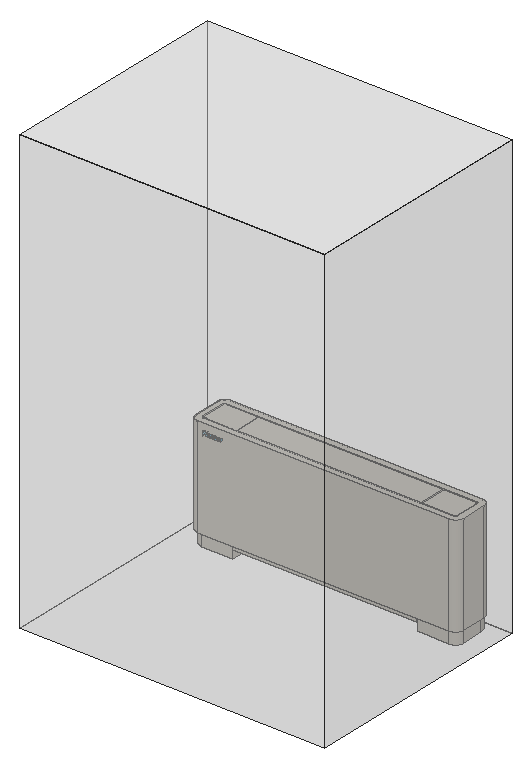
Revit family "outputfile", category 機械設備, Revit 2024
Family settings
  丸型コネクタ寸法 = 半径を使用
  パーツ タイプ = 標準
  OmniClass 番号 = 23.75.10.24.21.27.27
  OmniClass タイトル = Split System Air Conditioning Units
  作業面ベース = いいえ
  常に垂直 = はい
  ロード時にボイドで切り取り = いいえ
  注釈の向きを維持 = いいえ
  共有 = いいえ
  部屋計算ポイント = いいえ
Parameters (values of type "FXLQ50MAVE8")
  Description = ""
  製造元 = "Daikin"
  書き出し IFC クラス(タイプ) = "IfcUnitaryEquipmentType"
  定義済み IFC タイプ(タイプ) = "AIRCONDITIONINGUNIT"
  Cost = 0
  モデル = "FXLQ50MAVE8"
  Type Comments = ""
  Keynote = ""
  Type Image = (empty or 0)
  Assembly Code = ""
  w_machine casing = 1040.0 mm
  w_hangerfixture = 0.0 mm
  w_dischargeflange = 982.0 mm
  w_2_machine casing = 1010.0 mm
  w_1_machine casing = 982.0 mm
  r_Liquid Pipe Size = Liquid Pipe Size / 2  # 3.2 mm
  r_Gas Pipe Size = Gas Pipe Size / 2  # 6.35 mm
  w_mounting foot = 1030.0 mm
  r_Drain Pipe Size = Drain Pipe Size / 2  # 10.5 mm
  h_mountinghole = [h***] + 2.5 mm  # 2.5 mm
  lh_liquidpipe = 391.0 mm  # constant formula
  lh_gaspipe = 301.0 mm  # constant formula
  lh_drainpipe = 181.0 mm  # constant formula
  lh_antena = 598.5 mm  # constant formula
  ld_liquidpipe = 88.0 mm  # constant formula
  ld_gaspipe = 143.0 mm  # constant formula
  ld_drainpipe = 156.0 mm  # constant formula
  h*** = 0.0 mm  # constant formula
  w_front suction = 801.0 mm
  d_pipe_2 = 27.3 mm  # constant formula
  d_pipe_1 = 47.6 mm  # constant formula
  d_pipe = 71.2 mm  # constant formula
  Width = 1420.0 mm
  Voltage_comment_50Hz = "220-240"
  Voltage_50Hz = 220 V
  Version = "ver.1.0"
  Unit Type = "Floor Standing Type"
  Unit Mass Weight = 36.00 kg
  Unit Designation [instance] = ""
  Uniclass2015Version = "Products v1.30"
  Uniclass2015Title = "Variable refrigerant flow units"
  Uniclass2015Code = "Pr_70_65_03_94"
  URL = ""
  Total Heating Capacity [instance] = 0.000 kW
  Total Cooling Capacity [instance] = 0.000 kW
  Sound Pressure Level_M speed (dBA) = 0
  Sound Pressure Level_L speed (dBA) = 35
  Sound Pressure Level_H speed (dBA) = 40
  Sound Power Level_H speed (dB) = 0
  Series = "VRV Fan Coil Unit"
  Sensible Cooling Capacity [instance] = 0.000 kW
  SA Duct Size Width = w_dischargeflange  # 982.0 mm
  SA Duct Size Height = 150.0 mm  # constant formula
  Refrigerant Type = "R410A"
  Power Input (Heating) = 0.110 kW
  Power Input (Cooling) = 0.110 kW
  Phase_50Hz = 1
  Option Accessory 3 [instance] = ""
  Option Accessory 2 [instance] = ""
  Option Accessory 1 [instance] = ""
  Nominal Heating Capacity = 6.300 kW
  Nominal Cooling Capacity = 5.600 kW
  Minimum External Static Pressure = 0.00 Pa
  Minimum Circuit Amps_50Hz = 0.6 A
  Minimum Airflow = 660.00 m³/h
  Median Airflow = 0.00 m³/h
  Maximum Fuse Amps_50Hz = 15.0 A
  Maximum External Static Pressure = 0.00 Pa
  Maximum Airflow = 840.00 m³/h
  Material_Casing = DAIKIN_IvoryWhite_Casing_indoorunit
  Load Classification = HVAC
  Liquid Pipe Size = 6.4 mm
  Link_Nested Family [instance] = ""
  IfcVersion = "0"
  IfcExportType = "AIRCONDITIONINGUNIT"
  IfcExportAs = "IfcUnitaryEquipmentType"
  Height = 600.0 mm
  Heating Entering Wet Bulb Temperature [instance] = 0.00 °C
  Heating Entering Dry Bulb Temperature [instance] = 0.00 °C
  Heating Ambient Wet Bulb Temperature [instance] = 0.00 °C
  Heating Ambient Dry Bulb Temperature [instance] = 0.00 °C
  Heat Exchanger Type = "Cross Fin Coil"
  Gas Pipe Size = 12.7 mm
  Frequency_50Hz = 50 Hz
  Fan Type = "Sirocco Fan"
  Fan Drive = "Direct Drive"
  FCU Tag No. [instance] = ""
  Drain Pipe Size = 21.0 mm
  Design Supply Airflow [instance] = 0.00 m³/h
  Design External Static Pressure [instance] = 0.00 Pa
  Depth = 222.0 mm
  既定の高さ = 0.0 mm
  Cooling Entering Wet Bulb Temperature [instance] = 0.00 °C
  Cooling Entering Dry Bulb Temperature [instance] = 0.00 °C
  Cooling Ambient Wet Bulb Temperature [instance] = 0.00 °C
  Cooling Ambient Dry Bulb Temperature [instance] = 0.00 °C
  Clearance visibility [instance] = yes
  Clearance Top = 1750.0 mm
  Clearance Right = 100.0 mm
  Clearance Rear = 20.0 mm
  Clearance Left = 100.0 mm
  Clearance Front = 1000.0 mm
  Clearance Bottom = 0.0 mm
Reference planes
  plane 1: y = 0
  plane 2: z = 0
  plane 3 "Center (Left/Right)": x = 0
  plane 4 "Center (Front/Back)": y = -103
  plane 5: y = -206
  plane 6: x = -520
  plane 7: x = 520
  plane 8: z = 584
  plane 9: z = 68
  plane 10: z = 609
  plane 11: z = 2350
  plane 12: z = 0
  plane 13: x = -810
  plane 14: x = 810
  plane 15: y = -1214
  plane 16: y = 28
  plane 17 "Bottom": z = 0
  plane 18: x = -488
  plane 19: x = 488
  plane 20: x = -539
  plane 21: x = -690
  plane 22: z = 129
  plane 23: z = 518
  plane 24: z = 564.5
  plane 25: y = -32
  plane 26: x = 618.8
  plane 27 "ld_drainpipe": y = -148
  plane 28: z = 181
  plane 29: z = 301
  plane 30: z = 391
  plane 31: x = 547
  plane 32: x = 505
  plane 33: x = -505
  plane 34 "ld_liquidpipe": y = -80
  plane 35 "ld_gaspipe": y = -135
  plane 36: x = 654
  plane 37: z = 518.4
  plane 38: z = 388.6
  plane 39: x = 506
  plane 40: x = -506
  plane 41: x = -614.5
  plane 42: y = -42
  plane 43: y = -25.8
  plane 44 "Left": x = -710
  plane 45 "Right": x = 710
  plane 46: x = -491
  plane 47: x = 491
  plane 48: z = 70
  plane 49 "Top": z = 600
  plane 50 "Front": y = -214
  plane 51 "Back": y = 8
  plane 52: y = -201
Forms (mm)
  Extrusion 1, solid, material "DAIKIN_IvoryWhite_Casing_indoorunit" <- "Material_Casing"
    sketch origin (0, 0, 0) x (1, 0, 0) y (0, 1, 0)
      loop
        line (-520, 0) -> (-520, -206) -> (520, -206) -> (520, 0) -> (-520, 0)
    from 68 to 584
  Extrusion 2, solid, material "DAIKIN_IvoryWhite_Casing_indoorunit" <- "Material_Casing"
    sketch origin (0, 0, 68) x (0, 1, 0) y (1, 0, 0)
      loop
        line (0, -488) -> (0, 488) -> (-206, 488) -> (-206, -488) -> (0, -488)
    from 0 to 19.6
  Extrusion 3, solid, material "DAIKIN_IvoryWhite_Casing_indoorunit" <- "Material_Casing"
    sketch origin (-520, -206, 0) x (0, 1, 0) y (0, 0, -1)
      loop
        circle (103, -448.5) r 12.5
      loop
        circle (103, -243.5) r 12.5
    from 0 to 19
  Extrusion 4, solid, material "DAIKIN_IvoryWhite_Casing_indoorunit" <- "Material_Casing"
    sketch origin (0, 0, 68) x (-1, 0, 0) y (0, -1, 0)
      loop
        line (690, 25.8) -> (690, 71.25) -> (555.25, 206) -> (539, 206) -> (539, 25.8) -> (690, 25.8)
    from 61 to 450
  Extrusion 5, solid, material "DAIKIN_IvoryWhite_Casing_indoorunit" <- "Material_Casing"
    sketch origin (520, 0, 0) x (0, -1, 0) y (0, 0, -1)
      loop
        line (5.208, -545.14) -> (32, -564.5) -> (104, -554.5) -> (202.913, -407.529) -> (197.289, -319.3) -> (168.604, -299.952) -> (5.208, -545.14)
    from 0 to 98.8
  Extrusion 6, solid, material "DAIKIN_IvoryWhite_Casing_indoorunit" <- "Material_Casing"
    sketch origin (520, 0, 0) x (0, -1, 0) y (0, 0, -1)
      loop
        line (188.5, -240) -> (188.5, -210) -> (107.5, -210) -> (107.5, -240) -> (188.5, -240)
    from 0 to 50
  Extrusion 7, solid, material "DAIKIN_IvoryWhite_Casing_indoorunit" <- "Material_Casing"
    sketch origin (520, -107.5, 210) x (-1, 0, 0) y (0, 1, 0)
      loop
        circle (-27, -40.5) r 10.5
    from 0 to 29
  Sweep 8, solid, material "DAIKIN_IvoryWhite_Casing_indoorunit" <- "Material_Casing"
    path origin (0, -80, 0) x (0, 0, 1) y (1, 0, 0)
      loop
        line (518.4, 618.8) -> (518.4, 641)
        arc (518.4, 641) -> (514.592, 650.192) -> (505.4, 654) r 13
        line (505.4, 654) -> (391, 654)
    profile origin (629.9, -80, 518.4) x (0, 0, -1) y (0, 1, 0)
      loop
        circle (0, 0) r 3.2
  Sweep 9, solid, material "DAIKIN_IvoryWhite_Casing_indoorunit" <- "Material_Casing"
    path origin (0, -135, 0) x (0, 0, 1) y (1, 0, 0)
      loop
        line (388.6, 618.8) -> (388.6, 641)
        arc (388.6, 641) -> (384.792, 650.192) -> (375.6, 654) r 13
        line (375.6, 654) -> (301, 654)
    profile origin (629.9, -135, 388.6) x (0, 0, -1) y (0, 1, 0)
      loop
        circle (0, 0) r 6.35
Dimensions and locks
  equal spacing: plane 5, plane 4 "Center (Front/Back)", plane 1
  equal spacing: plane 6, plane 3 "Center (Left/Right)", plane 7
  locked: plane 10 to plane 8 at 25
  "h***": plane 17 "Bottom" to plane 2
  locked: plane 8 to plane 9 at 516
  "Clearance Bottom": plane 17 "Bottom" to plane 12
  locked: plane 6 to plane 18 at 32
  locked: plane 19 to plane 7 at 32
  plane 18 to plane 19 = 976.0 mm
  locked: Extrusion 3 sketch curve to plane 9 at 175.5
  locked: Extrusion 3 sketch curve to Extrusion 3 sketch curve at 205
  locked: plane 6 to plane 20 at 19
  plane 23 to plane 22 to plane 17 "Bottom" = 389.0 mm locked, 129.0 mm locked
  locked: plane 21 to plane 6 at 170
  locked: plane 10 to plane 24 at 44.5
  locked: plane 5 to plane 25 at 174
  locked: plane 7 to plane 26 at 98.8
  locked: Extrusion 6 sketch curve to Extrusion 6 sketch curve at 30
  locked: Extrusion 6 sketch curve to Extrusion 6 sketch curve at 81
  locked: Extrusion 6 sketch curve to plane 17 "Bottom" at 240
  locked: plane 27 "ld_drainpipe" to Extrusion 6 sketch curve at 40.5
  "lh_drainpipe": plane 28 to plane 17 "Bottom"
  "lh_gaspipe": plane 29 to plane 17 "Bottom"
  "lh_liquidpipe": plane 30 to plane 17 "Bottom"
  locked: plane 33 to plane 6 at 15
  locked: plane 7 to plane 32 at 15
  locked: plane 31 to plane 32 at 42
  locked: plane 36 to plane 7 at 134
  locked: plane 10 to plane 37 at 90.6
  locked: plane 10 to plane 38 at 220.4
  locked: plane 6 to plane 40 at 14
  locked: plane 39 to plane 7 at 14
  equal spacing: plane 32, plane 3 "Center (Left/Right)", plane 33
  plane 32 to plane 33 = 1010.0 mm
  locked: plane 21 to plane 41 at 75.5
  locked: plane 42 to plane 1 at 42
  locked: plane 43 to plane 5 at 180.2
  locked: Extrusion 4 sketch curve to plane 20 at 16.25
  locked: plane 43 to Extrusion 4 sketch curve at 45.45
  locked: plane 46 to plane 44 "Left" at 219
  locked: plane 45 "Right" to plane 47 at 219
  "Width": plane 45 "Right" to plane 44 "Left"
  locked: plane 49 "Top" to plane 48 at 530
  equal spacing: plane 45 "Right", plane 3 "Center (Left/Right)", plane 44 "Left"
  "w_machine casing": plane 6 to plane 7
  "Depth": plane 51 "Back" to plane 50 "Front"
  equal spacing: plane 51 "Back", plane 4 "Center (Front/Back)", plane 50 "Front"
  locked: plane 1 to plane 5 at 206
  locked: plane 10 to plane 17 "Bottom" at 609
  "Height": plane 49 "Top" to plane 17 "Bottom"
  "Clearance Rear": plane 16 to plane 51 "Back"
  "Clearance Front": plane 50 "Front" to plane 15
  "Clearance Right": plane 14 to plane 45 "Right"
  "Clearance Left": plane 44 "Left" to plane 13
  "Clearance Top": plane 11 to plane 49 "Top"
  equal spacing: plane 18, nested 2, plane 19
  "ld_liquidpipe": plane 34 "ld_liquidpipe" to plane 51 "Back"
  "ld_gaspipe": plane 35 "ld_gaspipe" to plane 51 "Back"
  "ld_drainpipe": plane 27 "ld_drainpipe" to plane 51 "Back"
  locked: plane 50 "Front" to plane 52 at 13
  "Drain Pipe Size": diameter of Extrusion 7 sketch curve
  "Gas Pipe Size": diameter of Sweep 9 sketch curve
  locked: Extrusion 4 sketch curve to Extrusion 4 sketch curve (angle 45.00°)
  aligned and locked: level to plane 2
  aligned and locked: plane 1 to Extrusion 1 sketch curve
  aligned and locked: plane 6 to Extrusion 1 sketch curve
  aligned and locked: plane 5 to Extrusion 1 sketch curve
  aligned and locked: Extrusion 1 sketch curve to plane 7
  aligned and locked: plane 8 to Extrusion 1
  aligned and locked: Extrusion 1 to plane 9
  aligned and locked: plane 8 to nested 1
  aligned and locked: plane 3 "Center (Left/Right)" to nested 1
  aligned and locked: nested 2 to plane 16
  aligned and locked: nested 2 to plane 15
  aligned and locked: plane 11 to nested 2
  aligned and locked: plane 12 to nested 2
  aligned and locked: plane 13 to nested 2
  aligned and locked: plane 14 to nested 2
  aligned and locked: nested 3 to plane 4 "Center (Front/Back)"
  aligned and locked: nested 4 to plane 4 "Center (Front/Back)"
  aligned and locked: plane 1 to Extrusion 2 sketch curve
  aligned and locked: plane 5 to Extrusion 2 sketch curve
  aligned and locked: plane 18 to Extrusion 2 sketch curve
  aligned and locked: Extrusion 2 sketch curve to plane 19
  aligned and locked: plane 4 "Center (Front/Back)" to Extrusion 3 sketch curve  (x2)
  aligned and locked: Extrusion 3 to plane 20
  aligned and locked: plane 21 to Extrusion 4 sketch curve
  aligned and locked: Extrusion 4 sketch curve to plane 20
  aligned and locked: plane 23 to Extrusion 4
  aligned and locked: Extrusion 4 to plane 22
  aligned and locked: plane 26 to Extrusion 5
  aligned and locked: plane 25 to Extrusion 5 sketch curve
  aligned and locked: plane 24 to Extrusion 5 sketch curve
  aligned and locked: plane 31 to Extrusion 7 sketch curve
  aligned and locked: plane 27 "ld_drainpipe" to Extrusion 7 sketch curve
  aligned and locked: Extrusion 7 to plane 28
  aligned and locked: plane 36 to Sweep 8 sketch curve
  aligned and locked: Sweep 8 sketch curve to plane 37
  aligned and locked: plane 30 to Sweep 8 sketch curve
  aligned and locked: plane 26 to Sweep 8 sketch curve
  aligned and locked: plane 29 to Sweep 9 sketch curve
  aligned and locked: plane 26 to Sweep 9 sketch curve
  aligned and locked: Sweep 9 sketch curve to plane 38
  aligned and locked: plane 36 to Sweep 9 sketch curve
  aligned and locked: nested 3 to plane 39
  aligned and locked: plane 40 to nested 4
  aligned and locked: plane 31 to nested 5
  aligned and locked: nested 6 to plane 36
  aligned and locked: nested 7 to plane 36
  aligned and locked: nested 8 to plane 41
  aligned and locked: plane 4 "Center (Front/Back)" to nested 8
  aligned and locked: Extrusion 4 sketch curve to plane 43
  aligned and locked: Extrusion 4 sketch curve to plane 5
  aligned and locked: nested 7 to plane 34 "ld_liquidpipe"
  aligned and locked: nested 6 to plane 35 "ld_gaspipe"
  aligned and locked: nested 5 to plane 27 "ld_drainpipe"
  aligned and locked: nested 9 to plane 46
  aligned and locked: nested 9 to plane 17 "Bottom"
  aligned and locked: nested 10 to plane 47
  aligned and locked: nested 10 to plane 17 "Bottom"
  aligned and locked: plane 3 "Center (Left/Right)" to nested 11
  aligned and locked: nested 11 to plane 4 "Center (Front/Back)"
  aligned and locked: nested 11 to plane 48
  aligned and locked: nested 12 to plane 50 "Front"
  aligned and locked: plane 24 to nested 12
  aligned and locked: plane 20 to nested 12
  aligned and locked: plane 52 to nested 10
  aligned and locked: nested 9 to plane 52
  aligned and locked: nested 5 to plane 17 "Bottom"
  aligned and locked: nested 6 to plane 17 "Bottom"
  aligned and locked: nested 7 to plane 17 "Bottom"
  aligned and locked: nested 8 to plane 17 "Bottom"
  aligned and locked: plane 4 "Center (Front/Back)" to nested 1
  aligned and locked: plane 49 "Top" to nested 11
Automatic sketch dimensions
  Extrusion 1 sketch curve to plane 5 = 0.0 mm
  Extrusion 1 to Extrusion 5 sketch curve = 5.208 mm
  Extrusion 1 to Extrusion 5 sketch curve = 29.5 mm
  Extrusion 5 sketch curve to Extrusion 5 sketch curve = 72.0 mm
  Extrusion 1 to Extrusion 5 sketch curve = 37.396 mm
  Extrusion 1 to Extrusion 5 sketch curve = 8.711 mm
  Extrusion 1 to Extrusion 5 sketch curve = 3.087 mm
  Extrusion 5 sketch curve to Extrusion 5 sketch curve = 19.36 mm
  Extrusion 1 to Extrusion 5 sketch curve = 176.471 mm
  Extrusion 5 sketch curve to Extrusion 5 sketch curve = 88.229 mm
  Extrusion 5 sketch curve to Extrusion 5 sketch curve = 19.348 mm
  Sweep 8 sketch curve to profile plane = 0.0 mm  (x2)
  Sweep 8 sketch curve to plane 23 = 12.6 mm
  Sweep 9 sketch curve to plane 38 = 13.0 mm
  Sweep 9 sketch curve to plane 35 "ld_gaspipe" = 0.0 mm
  Sweep 9 sketch curve to profile plane = 0.0 mm
  radius of Extrusion 3 sketch curve = 12.5 mm  (x2)
  radius of Sweep 8 sketch curve = 3.2 mm
Nested families
  nested 1: "daikin_ductflange_FXLQ-MAVE8" at (0, -178, 584) x (1, 0, 0) z (0, 1, 0), width <- "w_dischargeflange", material <- "Material_Casing", type "daikin_ductflange_FXLQ-MAVE8"
    with width 982.0 mm, material DAIKIN_IvoryWhite_Casing_indoorunit, height 150.0 mm, depth 16.0 mm
  nested 2: "daikin_clearancespace" at (0, -593, 1175.119), visible <- "Clearance visibility", show <- "Clearance visibility", Link_Nested Family <- "Link_Nested Family", type "daikin_clearancespace"
    with width 1620.0 mm, show yes, height 2350.0 mm, depth 1242.0 mm, Link_Nested Family ""
  nested 3: "daikin_mountinghole" at (506, -103, 0), Link_Nested Family <- "Link_Nested Family", h_mountinghole <- "h_mountinghole", l_antenna <- "lh_antena", type "daikin_mountinghole"
    with show yes, l_antenna 598.5 mm, h_mountinghole 2.5 mm, Link_Nested Family ""
  nested 4: "daikin_mountinghole" at (-506, -103, 0), Link_Nested Family <- "Link_Nested Family", h_mountinghole <- "h_mountinghole", l_antenna <- "lh_antena", type "daikin_mountinghole"
    with show yes, l_antenna 598.5 mm, h_mountinghole 2.5 mm, Link_Nested Family ""
  nested 5: "daikin_connector_rotate2" at (547, -148, 181) x (1, 0, 0) z (0, -1, 0), radius <- "r_Drain Pipe Size", length <- "lh_drainpipe", type "daikin_connector_rotate2"
    with radius 10.5 mm, length 181.0 mm, angle_vertical 90.00°, show_face no
  nested 6: "daikin_connector_rotate2" at (654, -135, 301) x (1, 0, 0) z (0, -1, 0), radius <- "r_Gas Pipe Size", length <- "lh_gaspipe", type "daikin_connector_rotate2"
    with radius 6.35 mm, length 301.0 mm, angle_vertical 90.00°, show_face no
  nested 7: "daikin_connector_rotate2" at (654, -80, 391) x (1, 0, 0) z (0, -1, 0), radius <- "r_Liquid Pipe Size", length <- "lh_liquidpipe", type "daikin_connector_rotate2"
    with radius 3.2 mm, length 391.0 mm, angle_vertical 90.00°, show_face no
  nested 8: "daikin_connector_rotate2" at (-614.5, -103, 129) x (1, 0, 0) z (0, -1, 0), type "daikin_connector_rotate2"
    with radius 10.0 mm, length 129.0 mm, angle_vertical 90.00°, show_face no
  nested 9: "daikin_hangerfixture_FXLQ-MAVE8" at (-595.5, -99, 0), type "daikin_hangerfixture_FXLQ-MAVE8"
  nested 10: "daikin_hangerfixture_FXLQ-MAVE8" at (595.5, -99, 0) x (-1, 0, 0) z (0, 0, 1), type "daikin_hangerfixture_FXLQ-MAVE8"
  nested 11: "daikin_machine casing_FXLQ-MAVE8" at (0, -103, 70), width <- "Width", W_2 <- "w_2_machine casing", W_1 <- "w_1_machine casing", material <- "Material_Casing", type "daikin_machine casing_FXLQ-MAVE8"
    with width 1420.0 mm, material DAIKIN_IvoryWhite_Casing_indoorunit, height 530.0 mm, depth 222.0 mm, W_2 1010.0 mm, W_1 982.0 mm, D_1 150.0 mm
  nested 12: "daikin_logo_elevation_w100" at (-574, -214, 539.5), type "daikin_logo_elevation_w100"
    with show_logo yes
Connectors
  electrical at (-614.5, -103, 0), driven by "Load Classification"
    settings: on nested 8, index 5, voltage 0 V, apparent load 0 VA, apparent load phase1 0 VA, apparent load phase2 0 VA, apparent load phase3 0 VA, power factor 1, load classification "HVAC", number of poles 1, system type 30, power factor state 1, is connector primary yes, connector utility no, sub classification motor no, connector description "Power Supply"
  piping at (654, -80, 0), diameter 6.4, driven by "r_Liquid Pipe Size"
    settings: on nested 7, index 6, connector inside diameter 609.6 mm, connector length 0.0 mm, flow factor 0, pipe flow 0.00 m³/h, pressure drop 0.0 Pa, fitting loss kfactor 0, connector angle 0.00°, fixture units 0, engagement length 0.0 mm, angle of deflection 0.00°, flow configuration 1, flow direction 1, fitting loss method 0, system type 29, joint type 0, gender type 0, connector reference index -1, connector utility 0, adjustable connector no, is connector primary yes, connector description "Refrigerant Liquid Piping"
  piping at (654, -135, 0), diameter 12.7, driven by "r_Gas Pipe Size"
    settings: on nested 6, index 7, connector inside diameter 609.6 mm, connector length 0.0 mm, flow factor 0, pipe flow 0.00 m³/h, pressure drop 0.0 Pa, fitting loss kfactor 0, connector angle 0.00°, fixture units 0, engagement length 0.0 mm, angle of deflection 0.00°, flow configuration 1, flow direction 2, fitting loss method 0, system type 29, joint type 0, gender type 0, connector reference index -1, connector utility 0, adjustable connector no, is connector primary no, connector description "Refrigerant Gas Piping"
  piping at (547, -148, 0), diameter 21, driven by "r_Drain Pipe Size"
    settings: on nested 5, index 8, connector inside diameter 609.6 mm, connector length 0.0 mm, flow factor 0, pipe flow 0.00 m³/h, pressure drop 0.0 Pa, fitting loss kfactor 0, connector angle 0.00°, fixture units 0, engagement length 0.0 mm, angle of deflection 0.00°, flow configuration 1, flow direction 2, fitting loss method 4, system type 16, joint type 0, gender type 0, connector reference index -1, connector utility 0, adjustable connector no, is connector primary no, connector description "Condensate Drain Piping"
Definition of nested family "daikin_ductflange_FXLQ-MAVE8"
  Parameters (values of type "daikin_ductflange_FXLQ-MAVE8")
    width [instance] = 662.0 mm
    material [instance] = none
    height [instance] = 150.0 mm
    depth [instance] = 25.0 mm
    Default Elevation = 0.0 mm
  Reference planes
    plane 1 "Center (Front/Back)": y = 0
    plane 2: z = 0
    plane 3 "Center (Left/Right)": x = 0
    plane 4: y = -25
    plane 5: x = -331
    plane 6: x = 331
    plane 7 "Top": z = 150
    plane 8: y = -1
    plane 9: z = 135.5
    plane 10: z = 14.5
    plane 11 "Center (Elevation)": z = 75
    plane 12: x = -330
    plane 13: x = 330
  Forms (mm)
    Extrusion 1, solid, material <- "material"
      sketch origin (0, 0, 0) x (1, 0, 0) y (0, 0, 1)
        loop
          line (-331, 150) -> (-331, 0) -> (331, 0) -> (331, 150) -> (-331, 150)
      from 1 to 25
  Dimensions and locks
    "height": plane 7 "Top" to plane 2
    "width": plane 5 to plane 6
    equal spacing: plane 5, plane 3 "Center (Left/Right)", plane 6
    "depth": plane 1 "Center (Front/Back)" to plane 4
    locked: plane 8 to plane 1 "Center (Front/Back)" at 1
    locked: plane 7 "Top" to plane 9 at 14.5
    locked: plane 10 to plane 2 at 14.5
    equal spacing: plane 7 "Top", plane 11 "Center (Elevation)", plane 2
    locked: plane 12 to plane 5 at 1
    locked: plane 6 to plane 13 at 1
    aligned and locked: level to plane 2
    aligned and locked: plane 5 to Extrusion 1 sketch curve
    aligned and locked: Extrusion 1 sketch curve to plane 7 "Top"
    aligned and locked: plane 2 to Extrusion 1 sketch curve
    aligned and locked: Extrusion 1 sketch curve to plane 6
    aligned and locked: Extrusion 1 to plane 4
    aligned and locked: plane 8 to Extrusion 1
Definition of nested family "daikin_clearancespace"
  Parameters (values of type "daikin_clearancespace")
    width [instance] = 1823.963 mm
    show [instance] = yes
    material = none
    height [instance] = 1359.762 mm
    depth [instance] = 880.0 mm
    Default Elevation = 0.0 mm
    Link_Nested Family [instance] = ""
  Reference planes
    plane 1 "Center (Front/Back)": y = 0
    plane 2 "Center (Elevation)": z = -0.119
    plane 3 "Center (Left/Right)": x = 0
    plane 4: y = 440
    plane 5: y = -440
    plane 6 "Right": x = 911.982
    plane 7 "Left": x = -911.982
    plane 8 "Top": z = 679.762
    plane 9 "Bottom": z = -680
  Forms (mm)
    Extrusion 1, solid, material <- "material", visible <- "show"
      sketch origin (0, 0, 0) x (1, 0, 0) y (0, 1, 0)
        loop
          line (-911.982, 440) -> (-911.982, -440) -> (911.982, -440) -> (911.982, 440) -> (-911.982, 440)
      from -680 to 679.762
  Lines and regions (mm)
    symbolic lines, visible <- "show"
      curve 1: line (911.982, 440, 0) -> (-911.982, 440, 0)
      curve 2: line (-911.982, 440, 0) -> (-911.982, -440, 0)
      curve 3: line (-911.982, -440, 0) -> (911.982, -440, 0)
      curve 4: line (911.982, -440, 0) -> (911.982, 440, 0)
      curve 5: line (911.982, 0, 679.762) -> (-911.982, 0, 679.762)
      curve 6: line (911.982, 0, -680) -> (911.982, 0, 679.762)
      curve 7: line (-911.982, 0, -680) -> (911.982, 0, -680)
      curve 8: line (-911.982, 0, 679.762) -> (-911.982, 0, -680)
      curve 9: line (0, 440, 679.762) -> (0, -440, 679.762)
      curve 10: line (0, -440, 679.762) -> (0, -440, -680)
      curve 11: line (0, 440, -680) -> (0, 440, 679.762)
      curve 12: line (0, -440, -680) -> (0, 440, -680)
  Dimensions and locks
    "width": plane 7 "Left" to plane 6 "Right"
    "depth": plane 4 to plane 5
    "height": plane 8 "Top" to plane 9 "Bottom"
    equal spacing: plane 7 "Left", plane 3 "Center (Left/Right)", plane 6 "Right"
    equal spacing: plane 4, plane 1 "Center (Front/Back)", plane 5
    equal spacing: plane 8 "Top", plane 2 "Center (Elevation)", plane 9 "Bottom"
    aligned and locked: level to plane 2 "Center (Elevation)"
    aligned and locked: Extrusion 1 sketch curve to plane 4
    aligned and locked: plane 7 "Left" to Extrusion 1 sketch curve
    aligned and locked: Extrusion 1 sketch curve to plane 5
    aligned and locked: Extrusion 1 sketch curve to plane 6 "Right"
    aligned and locked: plane 8 "Top" to Extrusion 1
    aligned and locked: curve 1 to Extrusion 1
    aligned and locked: curve 2 to Extrusion 1
    aligned and locked: curve 3 to Extrusion 1
    aligned and locked: curve 4 to Extrusion 1
    aligned and locked: curve 5 to Extrusion 1
    aligned and locked: curve 6 to Extrusion 1
    aligned and locked: curve 7 to Extrusion 1
    aligned and locked: curve 8 to Extrusion 1
    aligned and locked: curve 9 to Extrusion 1
    aligned and locked: curve 10 to Extrusion 1
    aligned and locked: curve 11 to Extrusion 1
    aligned and locked: curve 12 to Extrusion 1
    aligned and locked: Extrusion 1 to plane 9 "Bottom"
Definition of nested family "daikin_hangerfixture_FXLQ-MAVE8"
  Parameters (values of type "daikin_hangerfixture_FXLQ-MAVE8")
    width = 209.0 mm
    material = none
    height = 70.0 mm
    depth = 204.0 mm
    Default Elevation = 0.0 mm
  Reference planes
    plane 1 "Center (Front/Back)": y = 0
    plane 2: z = 0
    plane 3 "Center (Left/Right)": x = 0
    plane 4: x = -104.5
    plane 5: x = 104.5
    plane 6: y = 102
    plane 7: y = -102
    plane 8: z = 70
  Forms (mm)
    Extrusion 1, solid, material <- "material"
      sketch origin (0, 0, 0) x (1, 0, 0) y (0, 1, 0)
        loop
          arc (-59.5, 102) -> (-91.32, 88.82) -> (-104.5, 57) r 45
          line (-104.5, 57) -> (-104.5, -57)
          arc (-104.5, -57) -> (-91.32, -88.82) -> (-59.5, -102) r 45
          line (-59.5, -102) -> (104.5, -102) -> (104.5, 102) -> (-59.5, 102)
      from 0 to 70
    Extrusion 2, void
      sketch origin (0, 0, 0) x (1, 0, 0) y (0, 1, 0)
        loop
          line (74.5, 92) -> (-55.5, 92)
          arc (-55.5, 92) -> (-80.249, 81.749) -> (-90.5, 57) r 35
          line (-90.5, 57) -> (-90.5, -57)
          arc (-90.5, -57) -> (-80.249, -81.749) -> (-55.5, -92) r 35
          line (-55.5, -92) -> (74.5, -92) -> (74.5, 92)
      from 0 to 67.5
    Extrusion 3, void
      sketch origin (0, 0, 0) x (1, 0, 0) y (0, 1, 0)
        loop
          line (83.5, 9) -> (83.5, -9) -> (95.5, -9) -> (95.5, 9) -> (83.5, 9)
      from 0 to 2.5
    Extrusion 4, void
      sketch origin (0, 0, 0) x (1, 0, 0) y (0, 1, 0)
        loop
          line (74.5, 92) -> (74.5, -92) -> (102, -92) -> (102, 92) -> (74.5, 92)
      from 2.5 to 67.5
  Cuts and joins
    Extrusion 2, Extrusion 3, Extrusion 4 cuts Extrusion 1
  Dimensions and locks
    "depth": plane 7 to plane 6
    equal spacing: plane 7, plane 1 "Center (Front/Back)", plane 6
    "width": plane 4 to plane 5
    equal spacing: plane 4, plane 3 "Center (Left/Right)", plane 5
    "height": plane 8 to plane 2
    locked: Extrusion 2 sketch curve to plane 5 at 30
    locked: Extrusion 2 sketch curve to plane 6 at 10
    locked: plane 7 to Extrusion 2 sketch curve at 10
    locked: plane 4 to Extrusion 2 sketch curve at 14
    locked: Extrusion 3 sketch curve to Extrusion 3 sketch curve at 12
    locked: Extrusion 3 sketch curve to Extrusion 3 sketch curve at 18
    locked: Extrusion 3 sketch curve to plane 1 "Center (Front/Back)" at 9
    locked: Extrusion 3 sketch curve to plane 5 at 9
    locked: Extrusion 4 sketch curve to plane 6 at 10
    locked: plane 7 to Extrusion 4 sketch curve at 10
    locked: Extrusion 4 sketch curve to plane 5 at 2.5
    aligned and locked: level to plane 2
    aligned and locked: plane 6 to Extrusion 1 sketch curve
    aligned and locked: plane 4 to Extrusion 1 sketch curve
    aligned and locked: Extrusion 1 sketch curve to plane 7
    aligned and locked: Extrusion 1 sketch curve to plane 5
    aligned and locked: plane 8 to Extrusion 1
  Automatic sketch dimensions
    plane 4 to Extrusion 1 sketch curve = 45.0 mm  (x2)
    plane 4 to Extrusion 2 sketch curve = 49.0 mm
    Extrusion 2 sketch curve to Extrusion 2 sketch curve = 35.0 mm
    Extrusion 4 sketch curve to plane 5 = 30.0 mm
Definition of nested family "daikin_machine casing_FXLQ-MAVE8"
  Parameters (values of type "daikin_machine casing_FXLQ-MAVE8")
    width [instance] = 1000.0 mm
    material [instance] = none
    height [instance] = 530.0 mm
    depth [instance] = 222.0 mm
    W_2 [instance] = 590.0 mm
    W_1 [instance] = 562.0 mm
    Default Elevation = 0.0 mm
    D_1 [instance] = 150.0 mm
  Reference planes
    plane 1 "Center (Front/Back)": y = 0
    plane 2: z = 0
    plane 3 "Center (Left/Right)": x = 0
    plane 4: x = -500
    plane 5: x = 500
    plane 6: y = 111
    plane 7: y = -111
    plane 8: z = 530
    plane 9: x = -281
    plane 10: x = 281
    plane 11: y = 75
    plane 12: y = -75
    plane 13: x = -298
    plane 14: x = 298
    plane 15: x = -464
    plane 16: x = 464
    plane 17: x = -295
    plane 18: x = 295
    plane 19: z = 163
    plane 20: z = 355
  Forms (mm)
    Extrusion 1, solid, material <- "material"
      sketch origin (0, 0, 0) x (1, 0, 0) y (0, 1, 0)
        loop
          arc (-455, 111) -> (-486.82, 97.82) -> (-500, 66) r 45
          line (-500, 66) -> (-500, -66)
          arc (-500, -66) -> (-486.82, -97.82) -> (-455, -111) r 45
          line (-455, -111) -> (455, -111)
          arc (455, -111) -> (486.82, -97.82) -> (500, -66) r 45
          line (500, -66) -> (500, 66)
          arc (500, 66) -> (486.82, 97.82) -> (455, 111) r 45
          line (455, 111) -> (-455, 111)
      from 0 to 530
    Extrusion 2, void
      sketch origin (0, 0, 0) x (1, 0, 0) y (0, 1, 0)
        loop
          arc (-455, 108.5) -> (-485.052, 96.052) -> (-497.5, 66) r 42.5
          line (-497.5, 66) -> (-497.5, -66)
          arc (-497.5, -66) -> (-485.052, -96.052) -> (-455, -108.5) r 42.5
          line (-455, -108.5) -> (455, -108.5)
          arc (455, -108.5) -> (485.052, -96.052) -> (497.5, -66) r 42.5
          line (497.5, -66) -> (497.5, 66)
          arc (497.5, 66) -> (485.052, 96.052) -> (455, 108.5) r 42.5
          line (455, 108.5) -> (-455, 108.5)
      from 0 to 528
    Extrusion 3, void
      sketch origin (0, 0, 530) x (0, 1, 0) y (1, 0, 0)
        loop
          line (75, -281) -> (75, 281) -> (-75, 281) -> (-75, -281) -> (75, -281)
      from 0 to 2.5
    Extrusion 4, void
      sketch origin (0, 0, 530) x (0, 1, 0) y (1, 0, 0)
        loop
          line (75, -455) -> (75, -281) -> (74, -281) -> (74, -455)
          arc (74, -455) -> (71.657, -460.657) -> (66, -463) r 8
          line (66, -463) -> (-66, -463)
          arc (-66, -463) -> (-71.657, -460.657) -> (-74, -455) r 8
          line (-74, -455) -> (-74, -281) -> (-75, -281) -> (-75, -455)
          arc (-75, -455) -> (-72.364, -461.364) -> (-66, -464) r 9
          line (-66, -464) -> (66, -464)
          arc (66, -464) -> (72.364, -461.364) -> (75, -455) r 9
        loop
          line (75, 281) -> (75, 455)
          arc (75, 455) -> (72.364, 461.364) -> (66, 464) r 9
          line (66, 464) -> (-66, 464)
          arc (-66, 464) -> (-72.364, 461.364) -> (-75, 455) r 9
          line (-75, 455) -> (-75, 281) -> (-74, 281) -> (-74, 455)
          arc (-74, 455) -> (-71.657, 460.657) -> (-66, 463) r 8
          line (-66, 463) -> (66, 463)
          arc (66, 463) -> (71.657, 460.657) -> (74, 455) r 8
          line (74, 455) -> (74, 281) -> (75, 281)
      from 0 to 2.5
    Extrusion 5, void
      sketch origin (1480.036, 111, 1200) x (-1, 0, 0) y (0, 0, 1)
        loop
          line (1781.036, -830) -> (1769.036, -830) -> (1769.036, -860) -> (1781.036, -860) -> (1781.036, -830)
        loop
          line (1191.036, -830) -> (1179.036, -830) -> (1179.036, -860) -> (1191.036, -860) -> (1191.036, -830)
        loop
          line (1781.036, -1022) -> (1769.036, -1022) -> (1769.036, -1052) -> (1781.036, -1052) -> (1781.036, -1022)
        loop
          line (1191.036, -1022) -> (1179.036, -1022) -> (1179.036, -1052) -> (1191.036, -1052) -> (1191.036, -1022)
      from 0 to -2.5
  Cuts and joins
    Extrusion 2, Extrusion 3, Extrusion 4, Extrusion 5 cuts Extrusion 1
  Dimensions and locks
    "width": plane 4 to plane 5
    equal spacing: plane 4, plane 3 "Center (Left/Right)", plane 5
    "depth": plane 7 to plane 6
    equal spacing: plane 7, plane 1 "Center (Front/Back)", plane 6
    "height": plane 8 to plane 2
    locked: plane 4 to Extrusion 2 sketch curve at 2.5
    locked: Extrusion 2 sketch curve to plane 6 at 2.5
    locked: Extrusion 2 sketch curve to plane 5 at 2.5
    locked: plane 7 to Extrusion 2 sketch curve at 2.5
    "W_1": plane 9 to plane 10
    equal spacing: plane 9, plane 3 "Center (Left/Right)", plane 10
    "D_1": plane 12 to plane 11
    equal spacing: plane 12, plane 1 "Center (Front/Back)", plane 11
    locked: Extrusion 4 sketch curve to plane 11 at 1  (x2)
    locked: plane 15 to Extrusion 4 sketch curve at 1
    locked: plane 12 to Extrusion 4 sketch curve at 1  (x2)
    locked: Extrusion 4 sketch curve to plane 16 at 1
    locked: plane 4 to plane 15 at 36
    locked: plane 16 to plane 5 at 36
    locked: plane 13 to plane 9 at 17
    locked: plane 10 to plane 14 at 17
    "W_2": plane 18 to plane 17
    equal spacing: plane 18, plane 3 "Center (Left/Right)", plane 17
    plane 20 to plane 19 to plane 2 = 192.0 mm locked, 163.0 mm locked
    locked: Extrusion 5 sketch curve to Extrusion 5 sketch curve at 12  (x4)
    locked: Extrusion 5 sketch curve to Extrusion 5 sketch curve at 30  (x4)
    locked: Extrusion 5 sketch curve to plane 17 at 6
    locked: plane 20 to Extrusion 5 sketch curve at 15  (x2)
    locked: Extrusion 5 sketch curve to plane 18 at 6
    locked: plane 17 to Extrusion 5 sketch curve at 6
    locked: plane 19 to Extrusion 5 sketch curve at 15  (x2)
    locked: plane 18 to Extrusion 5 sketch curve at 6
    aligned and locked: level to plane 2
    aligned and locked: plane 6 to Extrusion 1 sketch curve
    aligned and locked: plane 4 to Extrusion 1 sketch curve
    aligned and locked: Extrusion 1 sketch curve to plane 7
    aligned and locked: Extrusion 1 sketch curve to plane 5
    aligned and locked: plane 8 to Extrusion 1
    aligned and locked: Extrusion 1 to plane 2
    aligned and locked: Extrusion 3 sketch curve to plane 11
    aligned and locked: Extrusion 3 sketch curve to plane 9
    aligned and locked: plane 12 to Extrusion 3 sketch curve
    aligned and locked: plane 10 to Extrusion 3 sketch curve
    aligned and locked: Extrusion 4 sketch curve to plane 11
    aligned and locked: Extrusion 4 sketch curve to plane 15
    aligned and locked: cut or joined group of Extrusion 1, Extrusion 2, Extrusion 3, Extrusion 4, Extrusion 5 to Extrusion 4 sketch curve
    aligned and locked: Extrusion 4 sketch curve to cut or joined group of Extrusion 1, Extrusion 2, Extrusion 3, Extrusion 4, Extrusion 5  (x2)
    aligned and locked: plane 12 to Extrusion 4 sketch curve
    aligned and locked: plane 16 to Extrusion 4 sketch curve
    aligned and locked: plane 11 to Extrusion 4 sketch curve
    aligned and locked: plane 10 to Extrusion 4 sketch curve
    aligned and locked: Extrusion 4 sketch curve to plane 9
  Automatic sketch dimensions
    plane 4 to Extrusion 1 sketch curve = 45.0 mm  (x2)
    Extrusion 1 sketch curve to plane 5 = 45.0 mm  (x2)
    Extrusion 2 sketch curve to Extrusion 2 sketch curve = 42.5 mm
    Extrusion 2 sketch curve to plane 5 = 45.0 mm  (x2)
    plane 4 to Extrusion 2 sketch curve = 45.0 mm
    Extrusion 4 sketch curve to Extrusion 4 sketch curve = 0.0 mm  (x8)
    Extrusion 4 sketch curve to Extrusion 4 sketch curve = 8.0 mm  (x4)
Definition of nested family "daikin_logo_elevation_w100"
  Parameters (values of type "daikin_logo_elevation_w100")
    width = 100.0 mm
    show_logo [instance] = yes
    material = none
    height = 25.0 mm
    depth = 5.0 mm
    Default Elevation = 0.0 mm
  Reference planes
    plane 1 "Center (Front/Back)": y = 0
    plane 2: z = 0
    plane 3 "Center (Left/Right)": x = -15
    plane 4 "left": x = -65
    plane 5 "right": x = 35
    plane 6: y = -5
    plane 7: z = 25
  Forms (mm)
    Extrusion 1, solid
      sketch origin (0, 0, 0) x (1, 0, 0) y (0, 0, 1)
        loop
          line (-65, 25) -> (-65, 14.753) -> (-53.814, 25) -> (-65, 25)
      from 0 to 5
    Extrusion 2, solid
      sketch origin (0, 0, 0) x (1, 0, 0) y (0, 0, 1)
        loop
          line (-42.019, 25) -> (-53.814, 25) -> (-65, 14.753) -> (-65, 3.87) -> (-42.019, 25)
      from 0 to 5
    Extrusion 3, solid
      sketch origin (0, 0, 0) x (1, 0, 0) y (0, 0, 1)
        loop
          line (-35.602, 20.041) -> (-41.486, 20.041) -> (-44.428, 8.274) -> (-35.602, 8.274)
          arc (-35.602, 8.274) -> (-32.105, 8.983) -> (-29.415, 11.329) r 6.978
          arc (-29.415, 11.329) -> (-28.233, 14.382) -> (-28.637, 17.63) r 6.701
          arc (-28.637, 17.63) -> (-29.469, 18.814) -> (-30.709, 19.559) r 3.49
          arc (-30.709, 19.559) -> (-33.138, 19.976) -> (-35.602, 20.041) r 17.114
        loop
          line (-38.544, 10.627) -> (-36.191, 10.627)
          arc (-36.191, 10.627) -> (-34.383, 11.838) -> (-33.335, 13.745) r 4.6
          arc (-33.335, 13.745) -> (-33.193, 15.202) -> (-33.538, 16.625) r 4.404
          arc (-33.538, 16.625) -> (-34.051, 17.128) -> (-34.72, 17.393) r 1.818
          line (-34.72, 17.393) -> (-37.073, 17.393) -> (-38.544, 10.627)
        loop
          line (-29.13, 8.274) -> (-25.894, 8.274) -> (-24.791, 10.333) -> (-20.158, 10.333) -> (-19.717, 8.274) -> (-14.422, 8.274) -> (-16.775, 20.041) -> (-22.659, 20.041) -> (-29.13, 8.274)
        loop
          line (-23.373, 12.98) -> (-20.725, 12.98) -> (-21.482, 16.511) -> (-23.373, 12.98)
        loop
          line (-10.009, 20.041) -> (-12.951, 8.274) -> (-7.95, 8.274) -> (-5.008, 20.041) -> (-10.009, 20.041)
        loop
          line (-5.008, 8.274) -> (-0.007, 8.274) -> (0.792, 11.472) -> (3.229, 8.274) -> (9.407, 8.274) -> (4.7, 14.451) -> (11.466, 20.041) -> (6.171, 20.041) -> (2.093, 16.672) -> (2.935, 20.041) -> (-2.066, 20.041) -> (-5.008, 8.274)
        loop
          line (10.583, 8.274) -> (15.879, 8.274) -> (18.82, 20.041) -> (13.819, 20.041) -> (10.583, 8.274)
        loop
          line (18.82, 8.274) -> (22.35, 8.274) -> (24.013, 14.925) -> (26.175, 8.274) -> (32.058, 8.274) -> (35, 20.041) -> (31.47, 20.041) -> (29.679, 12.878) -> (27.351, 20.041) -> (21.762, 20.041) -> (18.82, 8.274)
      from 0 to 5
  Lines and regions (mm)
    model lines
      curve 1: line (-42.019, 0, 25) -> (-52.024, 0, 25)
      curve 2: line (-52.024, 0, 25) -> (-65, 0, 13.114)
      curve 3: line (-65, 0, 13.114) -> (-65, 0, 3.87)
      curve 4: line (-65, 0, 3.87) -> (-42.019, 0, 25)
      curve 5: line (-65, 0, 14.753) -> (-65, 0, 25)
      curve 6: line (-65, 0, 25) -> (-53.814, 0, 25)
      curve 7: line (-53.814, 0, 25) -> (-65, 0, 14.753)
      curve 8: line (-20.725, 0, 12.98) -> (-23.373, 0, 12.98)
      curve 9: line (-23.373, 0, 12.98) -> (-21.482, 0, 16.511)
      curve 10: line (-21.482, 0, 16.511) -> (-20.725, 0, 12.98)
      curve 11: line (-19.717, 0, 8.274) -> (-20.158, 0, 10.333)
      curve 12: line (-20.158, 0, 10.333) -> (-24.791, 0, 10.333)
      curve 13: line (-24.791, 0, 10.333) -> (-25.894, 0, 8.274)
      curve 14: line (-25.894, 0, 8.274) -> (-29.13, 0, 8.274)
      curve 15: line (-29.13, 0, 8.274) -> (-22.659, 0, 20.041)
      curve 16: line (-22.659, 0, 20.041) -> (-16.775, 0, 20.041)
      curve 17: line (-36.191, 0, 10.627) -> (-38.544, 0, 10.627)
      curve 18: line (-38.544, 0, 10.627) -> (-37.073, 0, 17.393)
      curve 19: line (-37.073, 0, 17.393) -> (-34.72, 0, 17.393)
      curve 20: line (-5.008, 0, 20.041) -> (-10.009, 0, 20.041)
      curve 21: line (-10.009, 0, 20.041) -> (-12.951, 0, 8.274)
      curve 22: line (-12.951, 0, 8.274) -> (-7.95, 0, 8.274)
      curve 23: line (-7.95, 0, 8.274) -> (-5.008, 0, 20.041)
      curve 24: line (24.013, 0, 14.925) -> (22.35, 0, 8.274)
      curve 25: line (22.35, 0, 8.274) -> (18.82, 0, 8.274)
      curve 26: line (18.82, 0, 8.274) -> (21.762, 0, 20.041)
      curve 27: line (21.762, 0, 20.041) -> (27.351, 0, 20.041)
      curve 28: line (27.351, 0, 20.041) -> (29.679, 0, 12.878)
      curve 29: line (29.679, 0, 12.878) -> (31.47, 0, 20.041)
      curve 30: line (31.47, 0, 20.041) -> (35, 0, 20.041)
      curve 31: line (35, 0, 20.041) -> (32.058, 0, 8.274)
      curve 32: line (32.058, 0, 8.274) -> (26.175, 0, 8.274)
      curve 33: line (26.175, 0, 8.274) -> (24.013, 0, 14.925)
      curve 34: line (-16.775, 0, 20.041) -> (-14.422, 0, 8.274)
      curve 35: line (-14.422, 0, 8.274) -> (-19.717, 0, 8.274)
      curve 36: line (-35.602, 0, 20.041) -> (-41.486, 0, 20.041)
      curve 37: line (-41.486, 0, 20.041) -> (-44.428, 0, 8.274)
      curve 38: line (-44.428, 0, 8.274) -> (-35.602, 0, 8.274)
      curve 39: line (10.583, 0, 8.274) -> (15.879, 0, 8.274)
      curve 40: line (15.879, 0, 8.274) -> (18.82, 0, 20.041)
      curve 41: line (18.82, 0, 20.041) -> (13.819, 0, 20.041)
      curve 42: line (13.819, 0, 20.041) -> (10.583, 0, 8.274)
      curve 43: line (3.229, 0, 8.274) -> (0.792, 0, 11.472)
      curve 44: line (0.792, 0, 11.472) -> (-0.007, 0, 8.274)
      curve 45: line (-0.007, 0, 8.274) -> (-5.008, 0, 8.274)
      curve 46: line (-5.008, 0, 8.274) -> (-2.066, 0, 20.041)
      curve 47: line (-2.066, 0, 20.041) -> (2.935, 0, 20.041)
      curve 48: line (2.935, 0, 20.041) -> (2.093, 0, 16.672)
      curve 49: line (2.093, 0, 16.672) -> (6.171, 0, 20.041)
      curve 50: line (6.171, 0, 20.041) -> (11.466, 0, 20.041)
      curve 51: line (11.466, 0, 20.041) -> (4.7, 0, 14.451)
      curve 52: line (4.7, 0, 14.451) -> (9.407, 0, 8.274)
      curve 53: line (9.407, 0, 8.274) -> (3.229, 0, 8.274)
      curve 54: arc (-36.191, 0, 10.627) -> (-34.383, 0, 11.838) -> (-33.335, 0, 13.745) r 4.6
      curve 55: arc (-33.335, 0, 13.745) -> (-33.193, 0, 15.202) -> (-33.538, 0, 16.625) r 4.404
      curve 56: arc (-33.538, 0, 16.625) -> (-34.051, 0, 17.128) -> (-34.72, 0, 17.393) r 1.818
      curve 57: arc (-35.602, 0, 8.274) -> (-32.105, 0, 8.983) -> (-29.415, 0, 11.329) r 6.978
      curve 58: arc (-29.415, 0, 11.329) -> (-28.233, 0, 14.382) -> (-28.637, 0, 17.63) r 6.701
      curve 59: arc (-28.637, 0, 17.63) -> (-29.469, 0, 18.814) -> (-30.709, 0, 19.559) r 3.49
      curve 60: arc (-30.709, 0, 19.559) -> (-33.138, 0, 19.976) -> (-35.602, 0, 20.041) r 17.114
  Dimensions and locks
    "width": plane 4 "left" to plane 5 "right"
    "depth": plane 6 to plane 1 "Center (Front/Back)"
    equal spacing: plane 4 "left", plane 3 "Center (Left/Right)", plane 5 "right"
    "height": plane 7 to plane 2
    aligned and locked: level to plane 2
    aligned and locked: Extrusion 1 sketch curve to plane 4 "left"
    aligned and locked: Extrusion 1 sketch curve to plane 7
    aligned and locked: plane 7 to Extrusion 2 sketch curve
    aligned and locked: plane 4 "left" to Extrusion 2 sketch curve
  Automatic sketch dimensions
    plane 4 "left" to curve 5 = 0.0 mm
    plane 4 "left" to curve 2 = 0.0 mm
    curve 30 to plane 5 "right" = 0.0 mm
    curve 5 to curve 6 = 11.186 mm
    curve 6 to curve 2 = 1.79 mm
    curve 2 to curve 37 = 7.597 mm
    curve 2 to curve 1 = 10.005 mm
    curve 1 to curve 37 = 0.534 mm
    curve 37 to curve 18 = 5.884 mm
    curve 17 to curve 54 = 0.769 mm
    curve 54 to curve 55 = 0.188 mm
    curve 54 to curve 19 = 0.702 mm
    curve 17 to curve 17 = 2.353 mm
    curve 18 to curve 36 = 1.471 mm
    curve 17 to curve 38 = 0.588 mm
    curve 55 to curve 57 = 2.392 mm
    curve 57 to curve 56 = 0.152 mm
    curve 57 to curve 58 = 0.311 mm
    curve 57 to curve 60 = 0.787 mm
    curve 56 to curve 19 = 0.322 mm
    curve 19 to curve 59 = 2.873 mm
    curve 57 to curve 15 = 6.472 mm
    curve 14 to curve 13 = 3.236 mm
    curve 13 to curve 13 = 1.103 mm
    curve 12 to curve 8 = 1.418 mm
    curve 8 to curve 16 = 0.714 mm
    curve 15 to curve 10 = 1.177 mm
    curve 8 to curve 10 = 2.648 mm
    curve 8 to curve 12 = 0.567 mm
    curve 11 to curve 35 = 0.441 mm
    curve 16 to plane 3 "Center (Left/Right)" = 1.775 mm
    plane 3 "Center (Left/Right)" to curve 35 = 0.578 mm
    curve 34 to curve 21 = 1.471 mm
    plane 3 "Center (Left/Right)" to curve 21 = 4.991 mm
    curve 21 to curve 23 = 5.001 mm
    curve 20 to curve 23 = 5.001 mm
    curve 22 to curve 45 = 2.942 mm
    curve 20 to curve 47 = 2.942 mm
    curve 45 to curve 44 = 5.001 mm
    curve 44 to curve 44 = 0.799 mm
    curve 46 to curve 49 = 4.159 mm
    curve 49 to curve 48 = 0.842 mm
    curve 44 to curve 53 = 3.236 mm
    curve 48 to curve 52 = 2.607 mm
    curve 47 to curve 49 = 3.236 mm
    curve 43 to curve 53 = 6.178 mm
    curve 52 to curve 39 = 1.177 mm
    curve 49 to curve 51 = 5.295 mm
    curve 50 to curve 41 = 2.353 mm
    curve 39 to curve 39 = 5.295 mm
    curve 41 to curve 40 = 5.001 mm
    curve 39 to curve 25 = 2.942 mm
    curve 40 to curve 26 = 2.942 mm
    curve 25 to curve 24 = 3.53 mm
    curve 26 to curve 33 = 2.251 mm
    curve 24 to curve 33 = 3.824 mm
    curve 26 to curve 27 = 5.589 mm
    curve 29 to plane 5 "right" = 5.321 mm
    curve 29 to curve 30 = 3.53 mm
    curve 31 to plane 5 "right" = 2.942 mm
    curve 60 to plane 7 = 22.055 mm
    curve 60 to curve 3 = 0.925 mm
    curve 60 to curve 37 = 5.329 mm
    curve 60 to curve 34 = 5.329 mm
    curve 32 to curve 34 = 0.0 mm
    curve 39 to curve 32 = 0.0 mm
    curve 43 to curve 39 = 0.0 mm
    curve 26 to curve 39 = 0.0 mm
    curve 23 to curve 34 = 0.0 mm
    curve 13 to curve 11 = 0.0 mm
    curve 44 to curve 43 = 0.0 mm
    curve 11 to curve 11 = 2.059 mm
    curve 38 to curve 17 = 2.353 mm
    curve 44 to curve 43 = 3.198 mm
    curve 31 to curve 29 = 4.604 mm
    curve 12 to curve 8 = 2.648 mm
    curve 4 to curve 2 = 9.244 mm
    curve 43 to curve 51 = 2.98 mm
    curve 2 to curve 5 = 1.639 mm
    curve 17 to curve 55 = 4.265 mm
    curve 28 to curve 24 = 2.046 mm
    curve 55 to curve 54 = 0.053 mm
    curve 55 to curve 58 = 0.311 mm
    curve 58 to curve 57 = 0.037 mm
    curve 57 to curve 56 = 0.364 mm
    curve 58 to curve 59 = 1.057 mm
    curve 8 to curve 9 = 3.53 mm
    curve 51 to curve 48 = 2.22 mm
    curve 54 to curve 18 = 2.447 mm
    curve 22 to curve 21 = 11.767 mm
    curve 46 to curve 20 = 0.0 mm
    curve 24 to curve 26 = 5.116 mm
    curve 49 to curve 47 = 0.0 mm
    curve 42 to curve 50 = 0.0 mm
    curve 9 to curve 16 = 3.53 mm
    curve 29 to curve 27 = 0.0 mm
    curve 18 to curve 37 = 2.648 mm
    curve 36 to curve 6 = 4.959 mm
    curve 36 to curve 4 = 4.959 mm
    curve 19 to curve 55 = 1.182 mm
    curve 59 to curve 60 = 1.138 mm
    curve 58 to curve 14 = 0.285 mm
    Extrusion 1 sketch curve to plane 4 "left" = 11.186 mm
    Extrusion 1 sketch curve to plane 7 = 10.247 mm
    Extrusion 2 sketch curve to plane 4 "left" = 22.981 mm
    Extrusion 2 sketch curve to plane 7 = 10.247 mm
    level to Extrusion 2 sketch curve = 3.87 mm
    Extrusion 2 sketch curve to plane 4 "left" = 11.186 mm
    Extrusion 3 sketch curve to plane 7 = 4.959 mm  (x5)
    Extrusion 3 sketch curve to plane 3 "Center (Left/Right)" = 20.602 mm
    level to Extrusion 3 sketch curve = 2.945 mm
    Extrusion 3 sketch curve to Extrusion 3 sketch curve = 0.787 mm  (x2)
    Extrusion 3 sketch curve to Extrusion 3 sketch curve = 5.884 mm
    Extrusion 3 sketch curve to Extrusion 3 sketch curve = 4.894 mm
    Extrusion 3 sketch curve to Extrusion 3 sketch curve = 1.138 mm
    Extrusion 3 sketch curve to Extrusion 3 sketch curve = 3.299 mm
    Extrusion 3 sketch curve to Extrusion 3 sketch curve = 2.072 mm
    Extrusion 3 sketch curve to Extrusion 3 sketch curve = 3.036 mm
    Extrusion 3 sketch curve to Extrusion 3 sketch curve = 1.057 mm
    Extrusion 3 sketch curve to Extrusion 3 sketch curve = 2.432 mm
    Extrusion 3 sketch curve to Extrusion 3 sketch curve = 0.311 mm
    Extrusion 3 sketch curve to Extrusion 3 sketch curve = 0.037 mm
    Extrusion 3 sketch curve to Extrusion 3 sketch curve = 8.825 mm
    Extrusion 3 sketch curve to plane 7 = 7.607 mm
    Extrusion 3 sketch curve to Extrusion 3 sketch curve = 1.879 mm
    Extrusion 3 sketch curve to Extrusion 3 sketch curve = 2.942 mm  (x5)
    Extrusion 3 sketch curve to Extrusion 3 sketch curve = 0.163 mm
    Extrusion 3 sketch curve to Extrusion 3 sketch curve = 0.152 mm
    Extrusion 3 sketch curve to Extrusion 3 sketch curve = 0.364 mm
    Extrusion 3 sketch curve to Extrusion 3 sketch curve = 1.182 mm
    Extrusion 3 sketch curve to Extrusion 3 sketch curve = 2.392 mm
    Extrusion 3 sketch curve to Extrusion 3 sketch curve = 0.348 mm
    Extrusion 3 sketch curve to Extrusion 3 sketch curve = 1.548 mm
    Extrusion 3 sketch curve to Extrusion 3 sketch curve = 0.188 mm
    Extrusion 3 sketch curve to Extrusion 3 sketch curve = 0.053 mm
    Extrusion 3 sketch curve to Extrusion 3 sketch curve = 2.353 mm  (x2)
    Extrusion 3 sketch curve to Extrusion 3 sketch curve = 5.979 mm
    Extrusion 3 sketch curve to Extrusion 3 sketch curve = 0.285 mm
    Extrusion 3 sketch curve to plane 3 "Center (Left/Right)" = 1.775 mm
    Extrusion 3 sketch curve to Extrusion 3 sketch curve = 3.056 mm
    plane 3 "Center (Left/Right)" to Extrusion 3 sketch curve = 0.578 mm
    Extrusion 3 sketch curve to plane 3 "Center (Left/Right)" = 4.717 mm
    Extrusion 3 sketch curve to Extrusion 3 sketch curve = 0.441 mm
    Extrusion 3 sketch curve to Extrusion 3 sketch curve = 2.059 mm  (x2)
    Extrusion 3 sketch curve to Extrusion 3 sketch curve = 4.633 mm
    Extrusion 3 sketch curve to Extrusion 3 sketch curve = 1.103 mm
    Extrusion 3 sketch curve to Extrusion 3 sketch curve = 1.177 mm  (x2)
    Extrusion 3 sketch curve to Extrusion 3 sketch curve = 3.53 mm  (x2)
    Extrusion 3 sketch curve to Extrusion 3 sketch curve = 1.418 mm
    Extrusion 3 sketch curve to Extrusion 3 sketch curve = 2.648 mm  (x2)
    plane 3 "Center (Left/Right)" to Extrusion 3 sketch curve = 4.991 mm
    Extrusion 3 sketch curve to Extrusion 3 sketch curve = 1.471 mm
    Extrusion 3 sketch curve to Extrusion 3 sketch curve = 5.001 mm  (x4)
    Extrusion 3 sketch curve to Extrusion 3 sketch curve = 0.0 mm  (x8)
    Extrusion 3 sketch curve to plane 7 = 8.328 mm
    Extrusion 3 sketch curve to Extrusion 3 sketch curve = 0.842 mm
    Extrusion 3 sketch curve to Extrusion 3 sketch curve = 3.236 mm  (x2)
    Extrusion 3 sketch curve to Extrusion 3 sketch curve = 5.295 mm  (x2)
    Extrusion 3 sketch curve to Extrusion 3 sketch curve = 2.607 mm
    Extrusion 3 sketch curve to Extrusion 3 sketch curve = 2.22 mm
    Extrusion 3 sketch curve to Extrusion 3 sketch curve = 4.707 mm
    Extrusion 3 sketch curve to Extrusion 3 sketch curve = 6.178 mm
    Extrusion 3 sketch curve to Extrusion 3 sketch curve = 2.436 mm
    Extrusion 3 sketch curve to Extrusion 3 sketch curve = 3.198 mm
    Extrusion 3 sketch curve to Extrusion 3 sketch curve = 5.589 mm
    Extrusion 3 sketch curve to plane 5 "right" = 5.321 mm
    Extrusion 3 sketch curve to Extrusion 3 sketch curve = 7.163 mm
    Extrusion 3 sketch curve to plane 5 "right" = 3.53 mm
    Extrusion 3 sketch curve to plane 5 "right" = 0.0 mm
    Extrusion 3 sketch curve to plane 5 "right" = 2.942 mm
    Extrusion 3 sketch curve to Extrusion 3 sketch curve = 4.604 mm
    Extrusion 3 sketch curve to Extrusion 3 sketch curve = 3.504 mm
    Extrusion 3 sketch curve to Extrusion 3 sketch curve = 2.251 mm
    Extrusion 3 sketch curve to Extrusion 3 sketch curve = 5.116 mm
Definition of nested family "daikin_mountinghole"
  Parameters (values of type "daikin_mountinghole")
    Default Elevation = 1219.2 mm
    Type Comments = "mountinghole"
    show [instance] = yes
    material = none
    l_centerline = 100.0 mm
    l_antenna [instance] = 100.0 mm
    h_mountinghole [instance] = 0.0 mm
    d_circle = 30.0 mm
    Link_Nested Family [instance] = ""
  Reference planes
    plane 1 "Center (Front/Back)": y = 0
    plane 2: z = 0
    plane 3 "Center (Left/Right)": x = 0
    plane 4: y = 50
    plane 5: x = -50
    plane 6: x = 50
    plane 7: y = -50
    plane 8 "h_mountinghole": z = 0
    plane 9: z = 100
  Lines and regions (mm)
    model lines, detail levels fine
      curve 1: circle (0, 0, 0) r 15 normal (0, 0, 1)
      curve 2: line (-50, 0, 0) -> (50, 0, 0)
      curve 3: line (0, 50, 0) -> (0, -50, 0)
    symbolic lines, detail levels fine
      curve 4: circle (0, 0, 0) r 15 normal (0, 0, 1)
      curve 5: line (-50, 0, 0) -> (50, 0, 0)
      curve 6: line (0, 50, 0) -> (0, -50, 0)
    model lines
      curve 7: line (0, 0, 100) -> (0, 0, 0)
  Dimensions and locks
    equal spacing: plane 4, plane 1 "Center (Front/Back)", plane 7
    "l_centerline": plane 4 to plane 7
    equal spacing: plane 5, plane 3 "Center (Left/Right)", plane 6
    "l_centerline": plane 5 to plane 6
    "l_antenna": plane 9 to plane 8 "h_mountinghole"
    "h_mountinghole": plane 8 "h_mountinghole" to plane 2
    "d_circle": diameter of curve 1
    "d_circle": diameter of curve 4
    aligned and locked: level to plane 2
    aligned and locked: plane 1 "Center (Front/Back)" to curve 1
    aligned and locked: plane 3 "Center (Left/Right)" to curve 1
    aligned and locked: plane 1 "Center (Front/Back)" to curve 2
    aligned and locked: curve 3 to plane 3 "Center (Left/Right)"
    aligned and locked: plane 6 to curve 2
    aligned and locked: plane 5 to curve 2
    aligned and locked: plane 4 to curve 3
    aligned and locked: plane 7 to curve 3
    aligned and locked: plane 1 "Center (Front/Back)" to curve 4
    aligned and locked: plane 3 "Center (Left/Right)" to curve 4
    aligned and locked: plane 6 to curve 5
    aligned and locked: plane 5 to curve 5
    aligned and locked: plane 1 "Center (Front/Back)" to curve 5
    aligned and locked: plane 4 to curve 6
    aligned and locked: plane 7 to curve 6
    aligned and locked: curve 6 to plane 3 "Center (Left/Right)"
    aligned and locked: curve 7 to plane 3 "Center (Left/Right)"
    aligned and locked: plane 9 to curve 7
    aligned and locked: plane 8 "h_mountinghole" to curve 7
Definition of nested family "daikin_connector_rotate2"
  Parameters (values of type "daikin_connector_rotate2")
    show_face = yes
    radius [instance] = 10.0 mm
    length [instance] = 600.0 mm
    d_surface = 10.0 mm
    angle_vertical [instance] = 90.00°
    Default Elevation = 0.0 mm
  Reference planes
    plane 1 "Center (Front/Back)": y = 0
    plane 2: z = 0
    plane 3 "Center (Left/Right)": x = 0
  Forms (mm)
    Extrusion 1, solid, visible <- "show_face"
      sketch origin (0, -600, 0) x (1, 0, 0) y (0, 0, 1)
        loop
          circle (0, 0) r 10
      from 0 to -10
  Lines and regions (mm)
    reference lines
      curve 1: line (0, 0, 0) -> (0, -600, 0)
    symbolic lines
      curve 2: circle (0, 0, 0) r 5 normal (0, 0, 1)
    model lines, visible <- "show_face"
      curve 3: line (0, 0, 0) -> (0, -600, 0)
  Dimensions and locks
    "length": curve 1 to curve 1
    "length": curve 3 to curve 3
    "d_surface": Extrusion 1 to Extrusion 1
    "radius": radius of Extrusion 1 sketch curve
    "angle_vertical": angle curve 1 to plane 1 "Center (Front/Back)"
    "angle_vertical": angle curve 3 to plane 1 "Center (Front/Back)"
    aligned and locked: level to plane 2
    aligned and locked: plane 1 "Center (Front/Back)" to curve 1
    aligned and locked: plane 2 to curve 1
    aligned and locked: plane 1 "Center (Front/Back)" to curve 2
    aligned and locked: plane 3 "Center (Left/Right)" to curve 2
    aligned and locked: plane 1 "Center (Front/Back)" to curve 3
    aligned and locked: plane 2 to curve 3
    aligned and locked: Extrusion 1 to Extrusion 1
  Automatic sketch dimensions
    Extrusion 1 sketch curve to level = 0.0 mm
    Extrusion 1 sketch curve to plane 3 "Center (Left/Right)" = 0.0 mm
    radius of curve 2 = 5.0 mm
